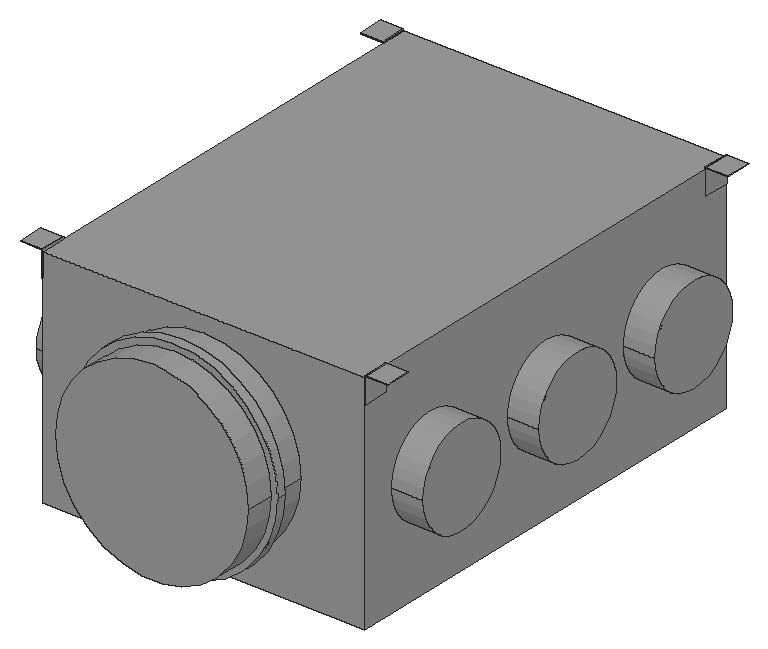
Revit family "FASU(F8-150 300Φ)", category ダクト付属品, Revit 2020
Family settings
  丸型コネクタ寸法 = 直径を使用
  パーツ タイプ = ダンパー
  OmniClass 番号 = 23.75.00.00
  OmniClass タイトル = Climate Control (HVAC)
  作業面ベース = いいえ
  常に垂直 = はい
  ロード時にボイドで切り取り = いいえ
  共有 = いいえ
Parameters
  高さ = 350 mm
  風量 = 0.0 L/s
  符号 = "FASU"
  形式 = "F8-150 300φ"
  幅 [instance] = 500 mm
  奥行き = 700 mm
  大きさ = 250 mm
  呼称 = "FASUチャンバー"
  付属品_下端レベル [instance] = 0 mm
  マテリアル [instance] = 既定値
  ダクト_イン = 300 mm
  ダクト_アウト = 150 mm
  既定の高さ = 0 mm
Reference planes
  plane 1 "中心(正面/背面)": y = 0
  plane 2: z = 0
  plane 3 "中心(左/右)": x = 0
  plane 4: x = -250
  plane 5: x = 250
  plane 6: y = -700
  plane 7: z = 350
  plane 8: z = 175
  plane 9: z = 266.963
  plane 10: z = 86.159
  plane 11: x = -251
  plane 12: z = 313.122
  plane 13: z = 352.122
  plane 14: y = -350
Forms (mm)
  Extrusion 1, solid, material "既定値" <- "マテリアル"
    sketch origin (0, 0, 0) x (1, 0, 0) y (0, 1, 0)
      loop
        line (-250, 0) -> (-250, -700) -> (250, -700) -> (250, 0) -> (-250, 0)
    from 0 to 350
  Extrusion 2, solid, material "既定値" <- "マテリアル"
    sketch origin (0, -30, 0) x (1, 0, 0) y (0, 1, 0)
      loop
        line (-250, 30) -> (-251, 30) -> (-251, -10) -> (-250, -10) -> (-250, 30)
    from 313.122 to 350
  Extrusion 3, solid, material "既定値" <- "マテリアル"
    sketch origin (0, -30, 0) x (1, 0, 0) y (0, 1, 0)
      loop
        line (-285, 30) -> (-285, -10) -> (-251, -10) -> (-251, 30) -> (-285, 30)
    from 352.122 to 350
  Extrusion 4, solid, material "既定値" <- "マテリアル"
    sketch origin (0, -30, 0) x (-1, 0, 0) y (0, -1, 0)
      loop
        line (-250, -30) -> (-250, 10) -> (-251, 10) -> (-251, -30) -> (-250, -30)
    from 313.122 to 353.122
  Extrusion 5, solid, material "既定値" <- "マテリアル"
    sketch origin (0, -30, 0) x (-1, 0, 0) y (0, -1, 0)
      loop
        line (-285, -30) -> (-251, -30) -> (-251, 10) -> (-285, 10) -> (-285, -30)
    from 352.122 to 353.122
  Extrusion 6, solid, material "既定値" <- "マテリアル"
    sketch origin (0, -490, 0) x (1, 0, 0) y (0, 1, 0)
      loop
        line (-285, -170) -> (-285, -210) -> (-251, -210) -> (-251, -170) -> (-285, -170)
    from 352.122 to 353.122
  Extrusion 7, solid, material "既定値" <- "マテリアル"
    sketch origin (0, -490, 0) x (1, 0, 0) y (0, 1, 0)
      loop
        line (-250, -170) -> (-251, -170) -> (-251, -210) -> (-250, -210) -> (-250, -170)
    from 313.122 to 353.122
  Extrusion 8, solid, material "既定値" <- "マテリアル"
    sketch origin (0, -490, 0) x (-1, 0, 0) y (0, -1, 0)
      loop
        line (-285, 170) -> (-251, 170) -> (-251, 210) -> (-285, 210) -> (-285, 170)
    from 352.122 to 353.122
  Extrusion 9, solid, material "既定値" <- "マテリアル"
    sketch origin (0, -490, 0) x (-1, 0, 0) y (0, -1, 0)
      loop
        line (-250, 170) -> (-250, 210) -> (-251, 210) -> (-251, 170) -> (-250, 170)
    from 313.122 to 353.122
  Extrusion 10, solid, material "既定値" <- "マテリアル"
    sketch origin (550, -582.5, 0) x (0, -1, 0) y (0, 0, -1)
      loop
        circle (-232.5, -175) r 74.985
    from -300 to -250
  Extrusion 11, solid, material "既定値" <- "マテリアル"
    sketch origin (-550, -582.5, 0) x (0, -1, 0) y (0, 0, 1)
      loop
        circle (-232.5, 175) r 74.985
    from -300 to -250
  Extrusion 12, solid, material "既定値" <- "マテリアル"
    sketch origin (0, -700, 0) x (1, 0, 0) y (0, 0, 1)
      loop
        circle (0, 175) r 150
    from 0 to 42.5
  Extrusion 13, solid, material "既定値" <- "マテリアル"
    sketch origin (0, -743, 0) x (1, 0, 0) y (0, 0, 1)
      loop
        circle (0, 175) r 160
    from -0.5 to 14.5
  Extrusion 14, solid, material "既定値" <- "マテリアル"
    sketch origin (0, -757.5, 0) x (1, 0, 0) y (0, 0, 1)
      loop
        circle (0, 175) r 150
    from 0 to 42.5
  Extrusion 15, solid, material "既定値" <- "マテリアル"
    sketch origin (550, -357.5, 0) x (0, -1, 0) y (0, 0, -1)
      loop
        circle (-232.5, -175) r 74.985
    from -300 to -250
  Extrusion 16, solid, material "既定値" <- "マテリアル"
    sketch origin (-550, -357.5, 0) x (0, -1, 0) y (0, 0, 1)
      loop
        circle (-232.5, 175) r 74.985
    from -300 to -250
  Extrusion 17, solid, material "既定値" <- "マテリアル"
    sketch origin (550, -142.5, 0) x (0, 1, 0) y (0, 0, 1)
      loop
        circle (-432.5, 175) r 74.985
    from -300 to -250
  Extrusion 18, solid, material "既定値" <- "マテリアル"
    sketch origin (0, -142.5, 0) x (0, 1, 0) y (0, 0, 1)
      loop
        circle (-432.5, 175) r 74.985
    from -300 to -250
  Extrusion 19, solid, material "既定値" <- "マテリアル"
    sketch origin (345.5, 300, 0) x (1, 0, 0) y (0, 0, -1)
      loop
        circle (-232.5, -175) r 74.985
    from -300 to -250
  Extrusion 20, solid, material "既定値" <- "マテリアル"
    sketch origin (-345.5, 300, 0) x (-1, 0, 0) y (0, 0, 1)
      loop
        circle (-232.5, 175) r 74.985
    from -300 to -250
Lines and regions (mm)
  model lines
    curve 1: line (-250, -30, 0) -> (250, -30, 0)
    curve 2: line (-250, -670, 0) -> (250, -670, 0)
Text (mm)
  text "FASU(F8-150 300Φ)" at (3.713, -630.412, 0), in view "参照レベル"
Dimensions and locks
  equal spacing: plane 4, plane 3 "中心(左/右)", plane 5
  "幅": plane 4 to plane 5
  "奥行き": plane 6 to plane 1 "中心(正面/背面)"
  "高さ": plane 7 to level
  equal spacing: plane 7, plane 8, level
  equal spacing: plane 6, plane 14, plane 1 "中心(正面/背面)"
  aligned and locked: level to plane 2
  aligned and locked: Extrusion 1 sketch curve to plane 5
  aligned and locked: plane 7 to Extrusion 1
  aligned and locked: Extrusion 2 sketch curve to Extrusion 1
  aligned and locked: plane 7 to Extrusion 2
  aligned and locked: Extrusion 3 sketch curve to Extrusion 2
  aligned and locked: Extrusion 2 to Extrusion 3 sketch curve
  aligned and locked: plane 7 to Extrusion 3
  aligned and locked: Extrusion 3 to plane 13
  aligned and locked: Extrusion 4 to Extrusion 5 sketch curve
  aligned and locked: Extrusion 5 sketch curve to Extrusion 4
  aligned and locked: Extrusion 1 to Extrusion 8
  aligned and locked: Extrusion 6 to Extrusion 1
  aligned and locked: Extrusion 7 to Extrusion 1
  aligned and locked: Extrusion 1 to Extrusion 9
  aligned and locked: Extrusion 9 to Extrusion 8
  aligned and locked: Extrusion 7 to Extrusion 6
  aligned and locked: plane 4 to Extrusion 7
  aligned and locked: Extrusion 9 to plane 5
  aligned and locked: plane 4 to curve 1
  aligned and locked: plane 5 to curve 1
  aligned and locked: plane 5 to curve 2
  aligned and locked: Extrusion 1 to Extrusion 3
  aligned and locked: Extrusion 5 to Extrusion 1
  aligned and locked: Extrusion 4 to plane 5
  aligned and locked: Extrusion 1 to plane 6
  aligned and locked: Extrusion 1 to plane 1 "中心(正面/背面)"
  aligned and locked: plane 6 to Extrusion 12
  aligned and locked: Extrusion 15 to plane 5
  aligned and locked: plane 4 to Extrusion 16
  aligned and locked: Extrusion 17 to plane 5
  aligned and locked: plane 4 to Extrusion 18
  aligned and locked: plane 1 "中心(正面/背面)" to Extrusion 19
  aligned and locked: plane 1 "中心(正面/背面)" to Extrusion 20
Automatic sketch dimensions
  curve 2 to plane 4 = 0 mm
  plane 6 to curve 2 = 30 mm
  plane 1 "中心(正面/背面)" to curve 1 = 30 mm
  Extrusion 1 sketch curve to plane 4 = 0 mm
  Extrusion 1 sketch curve to plane 6 = 0 mm
  plane 1 "中心(正面/背面)" to Extrusion 1 sketch curve = 0 mm
  plane 1 "中心(正面/背面)" to Extrusion 2 sketch curve = 0 mm
  Extrusion 2 sketch curve to plane 11 = 0 mm
  Extrusion 2 sketch curve to Extrusion 2 sketch curve = 40 mm
  plane 1 "中心(正面/背面)" to Extrusion 3 sketch curve = 0 mm
  Extrusion 3 sketch curve to Extrusion 3 sketch curve = 34 mm
  plane 1 "中心(正面/背面)" to Extrusion 4 sketch curve = 0 mm
  Extrusion 4 sketch curve to plane 5 = 0 mm
  Extrusion 4 sketch curve to Extrusion 4 sketch curve = 1 mm
  Extrusion 4 sketch curve to Extrusion 4 sketch curve = 40 mm
  plane 1 "中心(正面/背面)" to Extrusion 5 sketch curve = 0 mm
  Extrusion 5 sketch curve to Extrusion 5 sketch curve = 34 mm
  Extrusion 6 sketch curve to plane 6 = 0 mm
  Extrusion 6 sketch curve to plane 11 = 0 mm
  Extrusion 6 sketch curve to plane 11 = 34 mm
  plane 6 to Extrusion 6 sketch curve = 40 mm
  Extrusion 7 sketch curve to plane 11 = 0 mm
  Extrusion 7 sketch curve to plane 4 = 0 mm
  Extrusion 7 sketch curve to plane 6 = 0 mm
  plane 6 to Extrusion 7 sketch curve = 40 mm
  Extrusion 8 sketch curve to plane 6 = 0 mm
  Extrusion 8 sketch curve to plane 5 = 35 mm
  Extrusion 8 sketch curve to plane 5 = 1 mm
  Extrusion 8 sketch curve to Extrusion 8 sketch curve = 40 mm
  Extrusion 9 sketch curve to plane 6 = 0 mm
  Extrusion 9 sketch curve to plane 5 = 0 mm
  Extrusion 9 sketch curve to Extrusion 9 sketch curve = 1 mm
  Extrusion 9 sketch curve to Extrusion 9 sketch curve = 40 mm
  Extrusion 10 sketch curve to plane 8 = 0 mm
  Extrusion 10 sketch curve to plane 14 = 0 mm
  Extrusion 11 sketch curve to plane 8 = 0 mm
  Extrusion 11 sketch curve to plane 14 = 0 mm
  Extrusion 12 sketch curve to plane 3 "中心(左/右)" = 0 mm
  Extrusion 12 sketch curve to plane 8 = 0 mm
  Extrusion 13 sketch curve to plane 3 "中心(左/右)" = 0 mm
  Extrusion 13 sketch curve to plane 8 = 0 mm
  Extrusion 14 sketch curve to plane 3 "中心(左/右)" = 0 mm
  Extrusion 14 sketch curve to plane 8 = 0 mm
  Extrusion 15 sketch curve to plane 8 = 0 mm
  plane 1 "中心(正面/背面)" to Extrusion 15 sketch curve = 125 mm
  Extrusion 16 sketch curve to plane 8 = 0 mm
  plane 1 "中心(正面/背面)" to Extrusion 16 sketch curve = 125 mm
  Extrusion 17 sketch curve to plane 8 = 0 mm
  plane 6 to Extrusion 17 sketch curve = 125 mm
  Extrusion 18 sketch curve to plane 8 = 0 mm
  plane 6 to Extrusion 18 sketch curve = 125 mm
  Extrusion 19 sketch curve to plane 8 = 0 mm
  plane 3 "中心(左/右)" to Extrusion 19 sketch curve = 113 mm
  Extrusion 20 sketch curve to plane 8 = 0 mm
  Extrusion 20 sketch curve to plane 3 "中心(左/右)" = 113 mm
  radius of Extrusion 10 sketch curve = 74.985 mm
  radius of Extrusion 11 sketch curve = 74.985 mm
  radius of Extrusion 12 sketch curve = 150 mm
  radius of Extrusion 13 sketch curve = 160 mm
  radius of Extrusion 14 sketch curve = 150 mm
  radius of Extrusion 15 sketch curve = 74.985 mm
  radius of Extrusion 16 sketch curve = 74.985 mm
  radius of Extrusion 17 sketch curve = 74.985 mm
  radius of Extrusion 18 sketch curve = 74.985 mm
  radius of Extrusion 19 sketch curve = 74.985 mm
  radius of Extrusion 20 sketch curve = 74.985 mm
Connectors
  hvac at (-300, -575, 175), driven by "ダクト_アウト"
    settings: on Extrusion 18, index 1, duct flow 0.0 L/s, flow factor 0, pres drop 0.0 Pa, loss coef 0, conn angle 0.00°, conn width 304.8 mm, conn height 304.8 mm, conn diameter 150 mm, duct sys type 29, conn prof type 0, flow config 0, flow direction 2, loss method 0, conn ref index -1, conn util no, is conn primary yes, conn desc ""
  hvac at (-300, -350, 175), driven by "ダクト_アウト"
    settings: on Extrusion 11, index 2, duct flow 0.0 L/s, flow factor 0, pres drop 0.0 Pa, loss coef 0, conn angle 0.00°, conn width 304.8 mm, conn height 304.8 mm, conn diameter 150 mm, duct sys type 29, conn prof type 0, flow config 0, flow direction 2, loss method 0, conn ref index -1, conn util no, is conn primary no, conn desc ""
  hvac at (-300, -125, 175), driven by "ダクト_アウト"
    settings: on Extrusion 16, index 3, duct flow 0.0 L/s, flow factor 0, pres drop 0.0 Pa, loss coef 0, conn angle 0.00°, conn width 304.8 mm, conn height 304.8 mm, conn diameter 150 mm, duct sys type 29, conn prof type 0, flow config 0, flow direction 2, loss method 0, conn ref index -1, conn util no, is conn primary no, conn desc ""
  hvac at (-113, 50, 175), driven by "ダクト_アウト"
    settings: on Extrusion 20, index 4, duct flow 0.0 L/s, flow factor 0, pres drop 0.0 Pa, loss coef 0, conn angle 0.00°, conn width 304.8 mm, conn height 304.8 mm, conn diameter 150 mm, duct sys type 29, conn prof type 0, flow config 0, flow direction 2, loss method 0, conn ref index -1, conn util no, is conn primary no, conn desc ""
  hvac at (113, 50, 175), driven by "ダクト_アウト"
    settings: on Extrusion 19, index 5, duct flow 0.0 L/s, flow factor 0, pres drop 0.0 Pa, loss coef 0, conn angle 0.00°, conn width 304.8 mm, conn height 304.8 mm, conn diameter 150 mm, duct sys type 29, conn prof type 0, flow config 0, flow direction 2, loss method 0, conn ref index -1, conn util no, is conn primary no, conn desc ""
  hvac at (300, -125, 175), driven by "ダクト_アウト"
    settings: on Extrusion 15, index 6, duct flow 0.0 L/s, flow factor 0, pres drop 0.0 Pa, loss coef 0, conn angle 0.00°, conn width 304.8 mm, conn height 304.8 mm, conn diameter 150 mm, duct sys type 29, conn prof type 0, flow config 0, flow direction 2, loss method 0, conn ref index -1, conn util no, is conn primary no, conn desc ""
  hvac at (300, -350, 175), driven by "ダクト_アウト"
    settings: on Extrusion 10, index 7, duct flow 0.0 L/s, flow factor 0, pres drop 0.0 Pa, loss coef 0, conn angle 0.00°, conn width 304.8 mm, conn height 304.8 mm, conn diameter 150 mm, duct sys type 29, conn prof type 0, flow config 0, flow direction 2, loss method 0, conn ref index -1, conn util no, is conn primary no, conn desc ""
  hvac at (300, -575, 175), driven by "ダクト_アウト"
    settings: on Extrusion 17, index 8, duct flow 0.0 L/s, flow factor 0, pres drop 0.0 Pa, loss coef 0, conn angle 0.00°, conn width 304.8 mm, conn height 304.8 mm, conn diameter 150 mm, duct sys type 29, conn prof type 0, flow config 0, flow direction 2, loss method 0, conn ref index -1, conn util no, is conn primary no, conn desc ""
  hvac at (0, -800, 175), driven by "ダクト_イン"
    settings: on Extrusion 14, index 9, duct flow 0.0 L/s, flow factor 0, pres drop 0.0 Pa, loss coef 0, conn angle 0.00°, conn width 304.8 mm, conn height 304.8 mm, conn diameter 300 mm, duct sys type 1, conn prof type 0, flow config 0, flow direction 1, loss method 0, conn ref index -1, conn util no, is conn primary no, conn desc ""
